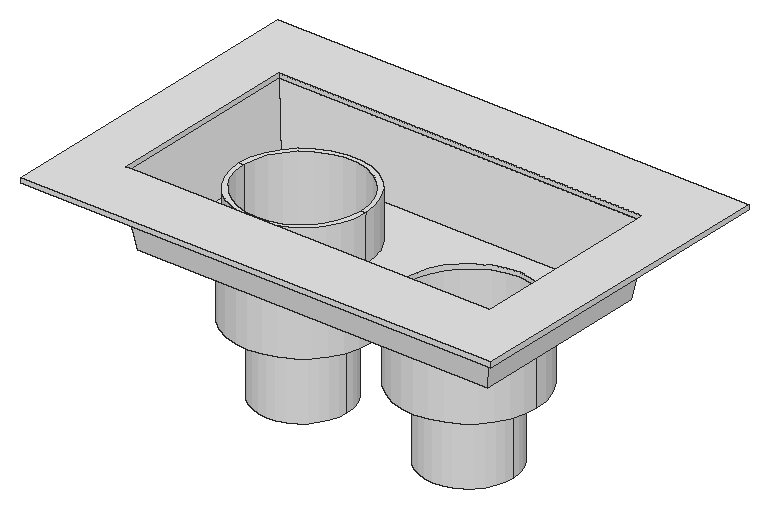
Revit family "Viking Roofspec Sump 05 M18", category Pipe Fittings, host Face, Revit 2021
Family settings
  Host = Face
  Round Connector Dimension = Use Diameter
  Part Type = Cap
  Cut with Voids When Loaded = No
  Shared = No
Parameters (values of type "Sumps - (with Weldable Flange) - IMR400T 475x292x70mmd+100mm outlet")
  URL = "www.vikingroofspec.co.nz"
  Type Comments = "Viking Roofspec sump / overflow IMR400T TPO weldable, installed as per manufacturers instructions."
  Pipe Diameter = 100 mm
  Overall Height = 220 mm
  Offset Pipe2 = 89.8 mm
  Offset Pipe1 = 86.7 mm
  Model = "IMR400T"
  Material = Viking Roofspec - Plastic White
  Manufacturer = "Viking Roofspec"  # constant formula
  Flow Out = 2.5 L/s
  Flange Cut Width = 292 mm
  Flange Cut Length = 450 mm
  Default Elevation = 0 mm
  Component = IMR400T : IMR400T
Reference planes
  plane 1 "Center (Front/Back)": y = 0
  plane 2: z = 0
  plane 3 "Center (Left/Right)": x = 0
  plane 4 "Pipe Connector": z = -220
  plane 5: x = -225
  plane 6: x = 225
  plane 7: y = -146
  plane 8: y = 146
Forms (mm)
  Extrusion 1, void
    sketch origin (0, 0, 0) x (1, 0, 0) y (0, 1, 0)
      loop
        circle (0, 0) r 115
    from -4 to 0
  Extrusion 2, void
    sketch origin (0, 0, 0) x (1, 0, 0) y (0, 1, 0)
      loop
        line (-225, 146) -> (-225, -146) -> (225, -146) -> (225, 146) -> (-225, 146)
    from 0 to -5
  Extrusion 3, void
    sketch origin (0, 0, 0) x (1, 0, 0) y (0, 1, 0)
      loop
        line (-200, 121) -> (-200, -121) -> (200, -121) -> (200, 121) -> (-200, 121)
    from 0 to -220
  Extrusion 4, solid, not visible
    sketch origin (0, 0, -220) x (0, -1, 0) y (1, 0, 0)
      loop
        circle (0, -86.7) r 35
    from 0 to 1
  Extrusion 5, solid, not visible
    sketch origin (149.817, 0, -220) x (0, -1, 0) y (1, 0, 0)
      loop
        circle (0, -60.017) r 35
    from 0 to 1
Dimensions and locks
  "Overall Height": host face to plane 4 "Pipe Connector"
  equal spacing: plane 5, plane 3 "Center (Left/Right)", plane 6
  equal spacing: plane 8, plane 1 "Center (Front/Back)", plane 7
  "Flange Cut Length": plane 5 to plane 6
  "Flange Cut Width": plane 8 to plane 7
  locked: plane 8 to Extrusion 3 sketch curve at 25
  locked: Extrusion 3 sketch curve to plane 7 at 25
  locked: plane 5 to Extrusion 3 sketch curve at 25
  locked: Extrusion 3 sketch curve to plane 6 at 25
  "Offset Pipe1": Extrusion 4 sketch curve to nested 1
  "Offset Pipe2": nested 1 to Extrusion 5 sketch curve
  diameter of Extrusion 1 sketch curve = 230 mm
  aligned and locked: plane 2 to host face
  aligned and locked: level to host face
  aligned and locked: Extrusion 2 to plane 5
  aligned and locked: plane 8 to Extrusion 2
  aligned and locked: plane 6 to Extrusion 2
  aligned and locked: Extrusion 2 to plane 7
  aligned and locked: Extrusion 3 to plane 4 "Pipe Connector"
Automatic sketch dimensions
  host sketch curve to host sketch curve = 2438.4 mm  (x2)
  plane 1 "Center (Front/Back)" to Extrusion 1 sketch curve = 0 mm
  Extrusion 1 sketch curve to plane 3 "Center (Left/Right)" = 0 mm
  Extrusion 2 sketch curve to plane 5 = 0 mm
  Extrusion 2 sketch curve to plane 6 = 0 mm
  Extrusion 2 sketch curve to plane 7 = 0 mm
  Extrusion 2 sketch curve to plane 8 = 0 mm
  plane 1 "Center (Front/Back)" to Extrusion 4 sketch curve = 0 mm
  plane 1 "Center (Front/Back)" to Extrusion 5 sketch curve = 0 mm
  radius of Extrusion 4 sketch curve = 35 mm
  radius of Extrusion 5 sketch curve = 35 mm
Nested families
  nested 1: "IMR400T" at (0, 0, 0), type <- "Component", Material <- "Material", type "IMR400T"
Connectors
  piping at (89.8, 0, -220), diameter 100, driven by "Pipe Diameter", driven by "Flow Out"
    settings: on Extrusion 5, index 4, connector inside diameter 609.6 mm, connector length 0 mm, flow factor 0, pipe flow 2.5 L/s, pressure drop 0.0 Pa, fitting loss kfactor 0, connector angle 0.00°, fixture units 0, engagement length 0 mm, angle of deflection 0.00°, flow configuration 1, flow direction 2, fitting loss method 4, system type 16, joint type 0, gender type 0, connector reference index -1, connector utility 0, adjustable connector no, is connector primary yes, connector description "Sump"
  piping at (-86.7, 0, -220), diameter 100, driven by "Pipe Diameter", driven by "Flow Out"
    settings: on Extrusion 4, index 5, connector inside diameter 609.6 mm, connector length 0 mm, flow factor 0, pipe flow 2.5 L/s, pressure drop 0.0 Pa, fitting loss kfactor 0, connector angle 0.00°, fixture units 0, engagement length 0 mm, angle of deflection 0.00°, flow configuration 1, flow direction 2, fitting loss method 4, system type 16, joint type 0, gender type 0, connector reference index -1, connector utility 0, adjustable connector no, is connector primary no, connector description "Sump Overflow"
Definition of nested family "IMR400T"
  Parameters (values of type "IMR400T")
    Material [instance] = none
    Default Elevation = 1219.2 mm
  Reference planes
    plane 1 "Center (Front/Back)": y = 0
    plane 2: z = 0
    plane 3 "Center (Left/Right)": x = 0
  Forms (mm)
    Revolve 1, solid, material <- "Material"
      sketch origin (-516.73, 0, 0) x (1, 0, 0) y (0, 0, 1)
        loop
          line (382.502, -144.372) -> (382.502, -220.029) -> (430.002, -220.029) -> (430.002, -75.05) -> (357.504, -75.05) -> (357.504, -144.372) -> (382.502, -144.372)
        axis (430.002, -220.029) -> (430.002, -75.05)
      angle from 0 to 360
    Extrusion 2, solid, material <- "Material"
      sketch origin (0, 0, 0) x (0, 1, 0) y (0, 0, 1)
        loop
          line (-146, 0) -> (-146, -5) -> (-106, -5) -> (-94.473, -75.05) -> (94.473, -75.05) -> (106, -5) -> (146, -5) -> (146, 0) -> (-146, 0)
      from -224.883 to 225.117
    Extrusion 3, void
      sketch origin (0, 0, 0) x (1, 0, 0) y (0, 0, 1)
        loop
          line (-243.545, -5) -> (-243.545, -89.344) -> (-183.503, -89.344) -> (-197.383, -5) -> (-243.545, -5)
      from -198.718 to 250
    Extrusion 4, void
      sketch origin (0, 0, 0) x (-1, 0, 0) y (0, 0, -1)
        loop
          line (-243.545, 5) -> (-197.617, 5) -> (-182.961, 94.063) -> (-243.545, 94.063) -> (-243.545, 5)
      from -198.718 to 250
    Blend 5, void
      base sketch origin (0, 0, 0) x (1, 0, 0) y (0, 1, 0)
        loop
          line (-193.183, 101.8) -> (-193.183, -101.8) -> (193.417, -101.8) -> (193.417, 101.8) -> (-193.183, 101.8)
      top sketch origin (0, 0, 0) x (1, 0, 0) y (0, 1, 0)
        loop
          line (-181.618, 90.235) -> (-181.618, -90.235) -> (181.873, -90.235) -> (181.873, 90.235) -> (-181.618, 90.235)
      from 0 to -70.05
    Extrusion 6, void
      sketch origin (-165.857, 0, 0) x (1, 0, 0) y (0, 1, 0)
        loop
          circle (79.128, 0) r 67.5
      from -70.05 to -139.372
    Revolve 7, solid, material <- "Material"
      sketch origin (-340.158, 0, 0) x (1, 0, 0) y (0, 0, 1)
        loop
          line (382.502, -144.372) -> (382.502, -220.029) -> (430.002, -220.029) -> (430.002, -75.05) -> (357.504, -75.05) -> (357.504, -144.372) -> (382.502, -144.372)
        axis (430.002, -220.029) -> (430.002, -75.05)
      angle from 0 to 360
    Revolve 8, solid, material <- "Material"
      sketch origin (2.339, 0, 0) x (1, 0, 0) y (0, 0, 1)
        loop
          line (-156.567, -22.47) -> (-156.567, -105.878) -> (-151.567, -105.878) -> (-151.567, -22.47) -> (-156.567, -22.47)
        axis (-89.067, -22.47) -> (-89.067, -105.878)
      angle from 0 to 360
    Extrusion 9, void
      sketch origin (10.695, 0, 0) x (1, 0, 0) y (0, 1, 0)
        loop
          circle (79.128, 0) r 67.5
      from -70.05 to -139.372
    Extrusion 10, solid, material <- "Material"
      sketch origin (0, 0, 0) x (1, 0, 0) y (0, 1, 0)
        loop
          line (-249.883, 171) -> (-249.883, -171) -> (250.117, -171) -> (250.117, 171) -> (-249.883, 171)
        loop
          line (193.417, -101.8) -> (193.417, 101.8) -> (-193.183, 101.8) -> (-193.183, -101.8) -> (193.417, -101.8)
      from 0 to 5
  Cuts and joins
    Extrusion 6, Extrusion 9 cuts Revolve 1
    Extrusion 3, Extrusion 4, Blend 5, Extrusion 6, Extrusion 9 cuts Extrusion 2
    joined: Revolve 1, Extrusion 2
    Extrusion 9 cuts Revolve 7
  Dimensions and locks
    aligned and locked: level to plane 2
  Nested families
    nested 1: "Viking Roofspec - Sump Detail" at (0, -91.5, 0) x (0, 1, 0) z (1, 0, 0), type "IMR400 475x292x70mm deep"
  Definition of nested family "Viking Roofspec - Sump Detail"
    Parameters (values of type "IMR100 450x300x164mm deep")
      URL = "www.vikingroofspec.co.nz"
      Type Comments = "Viking Roofspec sump IMR100, installed as per manufacturers instructions."
      Model = "IMR100"
      Manufacturer = "Viking Roofspec"  # constant formula
      Component = IMR100 : IMR100
    Types (4, lengths in mm): name | Type Comments | Model | Component
      IMR100 450x300x164mm deep | "Viking Roofspec sump IMR100, installed as per manufacturers instructions." | "IMR100" | IMR100 : IMR100
      IMR120 450x300x200mm deep | "Viking Roofspec sump IMR120, installed as per manufacturers instructions." | "IMR120" | IMR120 : IMR120
      IMR130 580x380x249mm deep | "Viking Roofspec sump IMR130, installed as per manufacturers instructions." | "IMR130" | IMR130 : IMR130
      IMR400 475x292x70mm deep | "Viking Roofspec sump IMR400, installed as per manufacturers instructions." | "IMR400" | IMR400 : IMR400
    Reference planes
      plane 1 "Center (Front/Back)": y = 0
      plane 2: z = 0
      plane 3 "Center (Left/Right)": x = 0
    Nested families
      nested 1: "IMR100" at (0, 0, 0), type <- "Component", type "IMR100", in view "Ref. Level"
      nested 2: "IMR100" at (0, 0, 0), type <- "Component", type "IMR100", in view "Ref. Level"
      nested 3: "IMR100" at (0, 0, 0), type <- "Component", type "IMR100", in view "Ref. Level"
      nested 4: "IMR100" at (0, 0, 0), type <- "Component", type "IMR100", in view "Ref. Level"
    Definition of nested family "IMR100"
      Parameters (values of type "IMR100")
        URL = "www.vikingroofspec.co.nz"
        Type Comments = "Viking Roofspec aluminium termination flashing IMT708 and pressure bar IMT709, installed as per manufacturers instructions."
        Model = "IMT708/709"
        Manufacturer = "Viking Roofspec"  # constant formula
      Reference planes
        plane 1 "Center (Front/Back)": y = 0
        plane 2: z = 0
        plane 3 "Center (Left/Right)": x = 0
      Lines and regions (mm)
        Filled region 1, type "Plastic", in view "Ref. Level"
          outline origin (-880.6, -806.918, 0) x (1, 0, 0) y (0, 1, 0)
            loop
              arc (699.573, 647.729) -> (701.179, 644.486) -> (704.553, 643.177) r 5
              line (704.553, 643.177) -> (762.351, 643.177) -> (762.351, 582.001)
              arc (762.351, 582.001) -> (763.815, 578.465) -> (767.351, 577.001) r 5
              line (767.351, 577.001) -> (774.748, 577.001) -> (774.748, 510.001) -> (779.748, 510.001) -> (779.748, 582.001) -> (767.351, 582.001) -> (767.351, 648.177) -> (704.553, 648.177) -> (690.288, 806.918) -> (655.717, 806.918) -> (655.717, 801.918) -> (685.717, 801.918) -> (699.573, 647.729)
            loop
              line (1105.717, 801.918) -> (1105.717, 806.918) -> (1070.913, 806.918) -> (1064.569, 648.177) -> (1002.107, 648.177) -> (1002.107, 582.001) -> (989.71, 582.001) -> (989.71, 510.001) -> (994.71, 510.001) -> (994.71, 577.001) -> (1002.107, 577.001)
              arc (1002.107, 577.001) -> (1005.642, 578.465) -> (1007.107, 582.001) r 5
              line (1007.107, 582.001) -> (1007.107, 643.177) -> (1064.575, 643.177)
              arc (1064.575, 643.177) -> (1067.949, 644.486) -> (1069.555, 647.729) r 5
              line (1069.555, 647.729) -> (1075.717, 801.918) -> (1105.717, 801.918)
            loop
              line (924.748, 510.001) -> (929.748, 510.001) -> (929.748, 582.001) -> (917.351, 582.001) -> (917.351, 648.177) -> (852.107, 648.177) -> (852.107, 582.001) -> (839.71, 582.001) -> (839.71, 510.001) -> (844.71, 510.001) -> (844.71, 577.001) -> (852.107, 577.001)
              arc (852.107, 577.001) -> (855.642, 578.465) -> (857.107, 582.001) r 5
              line (857.107, 582.001) -> (857.107, 643.177) -> (912.351, 643.177) -> (912.351, 582.001)
              arc (912.351, 582.001) -> (913.815, 578.465) -> (917.351, 577.001) r 5
              line (917.351, 577.001) -> (924.748, 577.001) -> (924.748, 510.001)
        Filled region 2, type "Plastic", in view "Ref. Level"
          outline origin (-880.6, -806.918, 0) x (1, 0, 0) y (0, 1, 0)
            loop
              line (767.351, 621.969) -> (772.351, 621.969) -> (772.351, 775.682) -> (767.351, 775.682) -> (767.351, 621.969)
            loop
              line (852.107, 775.682) -> (847.107, 775.682) -> (847.107, 621.969) -> (852.107, 621.969) -> (852.107, 775.682)
        Masking region 1, in view "Ref. Level"
          outline origin (-880.6, -806.918, 0) x (1, 0, 0) y (0, 1, 0)
            loop
              line (690.288, 806.918) -> (704.553, 648.177) -> (767.351, 648.177) -> (767.351, 582.001) -> (779.748, 582.001) -> (779.748, 510.001) -> (839.71, 510.001) -> (839.71, 582.001) -> (852.107, 582.001) -> (852.107, 648.177) -> (917.351, 648.177) -> (917.351, 582.001) -> (929.748, 582.001) -> (929.748, 510.001) -> (989.71, 510.001) -> (989.71, 582.001) -> (1002.107, 582.001) -> (1002.107, 648.177) -> (1064.569, 648.177) -> (1070.913, 806.918) -> (690.288, 806.918)
        detail lines, in view "Ref. Level"
          curve 1: line (-108.25, -31.235, 0) -> (-33.494, -31.235, 0)
          curve 2: line (-33.494, -184.949, 0) -> (-108.25, -184.949, 0)
          curve 3: line (-100.853, -224.917, 0) -> (-40.971, -224.917, 0)
          curve 4: line (49.147, -224.917, 0) -> (109.109, -224.917, 0)
          curve 5: line (36.751, -158.741, 0) -> (121.506, -158.741, 0)
